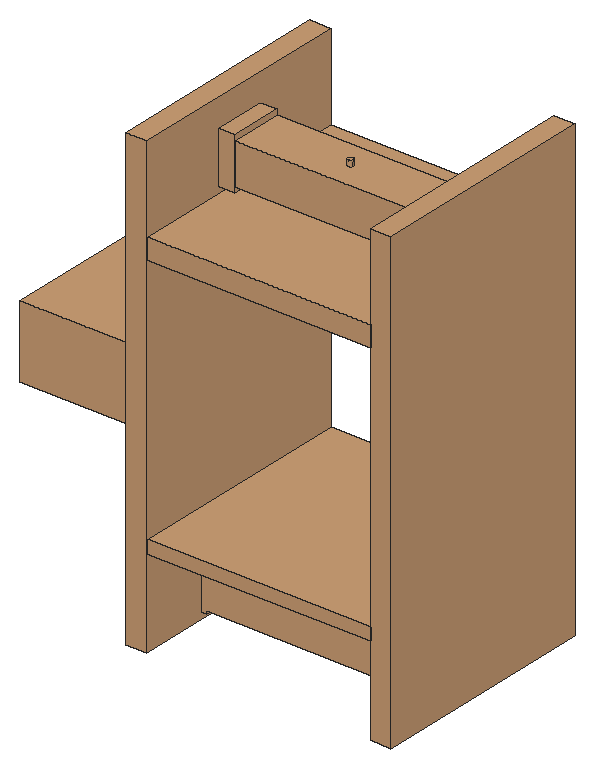
Revit family
Parameters
  Center of Unit = 0' - 0"  # constant formula
  Total Heating Capacity [instance] = 0.0 Btu/h
  Series = "VIFB"
  Outlet Area = 3.57 SF
  Lower Frame Thickness = if(Headers Height = 0' 3", 0' 1 1/4", if(Headers Height = 0' 3 1/4", 0' 1 1/4", 0' 0"))  # 0' - 1 1/4"
  Water Pressure Drop [instance] = 0.00 psi
  Water Flow [instance] = 0 GPM
  Unit Weight (lbs) = 283
  URL = "http://www.ljwing.com/"
  Water Outlet Radius = 0' - 1 1/2"
  Headers Height = if(M = 0' 1", 0' 3", if(M = 0' 1 1/2", 0' 3 1/4", 0' 0"))  # 0' - 3"
  Number of Rows = 2  # constant formula
  Number of Coils [instance] = 0
  Nominal Length = 2' - 1 7/16"
  N = 0' - 7 3/8"
  Model = "VA-2W"
  Manufacturer = "LJ Wing"
  M = 0' - 1"
  Leaving Water Temperature [instance] = 0 °F
  Leaving Air Temperature [instance] = 0 °F
  Entering Water Temperature [instance] = 0 °F
  Entering Air Temperature [instance] = 0 °F
  Description = "Vertical Integral Face & Bypass Water Heating Coils"
  Hot Water Inlet  Radius = 0' - 1 1/2"
  Coil Face Area = Outlet Area * 0.56  # 1.9992 SF
  Casing Material = ""
  Assembly Code = "D3020300"
  Air Vent Radius = 0' - 0 1/4"
  Air Pressure Drop [instance] = 0.00 in-wg
  Air Inlet Width = Nominal Length - 0' 4"  # 1' - 9 7/16"
  Air Inlet Height = Y  # 2' - 0"
  Air Flow [instance] = 0 CFM
  Y = 2' - 0"
  S = 0' - 9 3/4"  # constant formula
  Product URL = "http://www.ljwing.com/html/vifb.asp"
  OmniClass = "23-75 70 21 14"
  Nominal Height = 3' - 8"
  Nominal Depth = 1' - 10"
  R = 0' - 10 1/4"  # constant formula
  Q = 0' - 3 23/32"
Reference planes (in)
  plane 1 "Center (Front/Back)": y = 0
  plane 2: z = -12
  plane 3 "Center (Left/Right)": x = 0
  plane 4: z = 22.25
  plane 5: x = -12.71875
  plane 6: x = 12.71875
  plane 7: z = -21.75
  plane 8: z = 0
  plane 9: y = -11
  plane 10: y = 11
  plane 11: z = 12
  plane 12: z = 14
  plane 13: z = -13.25
  plane 14: x = 10.71875
  plane 15: x = -10.71875
  plane 16: x = -9
  plane 17: x = 9
  plane 18: y = 14.0625
  plane 19: x = -23.71875
  plane 20: z = 19.125
  plane 21: z = 15.125
  plane 22: y = -2.5
  plane 23: y = 2.5
  plane 24: y = -4.5
  plane 25: z = -19.375
  plane 26: x = -5.34375
  plane 27: x = 5.34375
  plane 28: z = -15.375
Forms (in)
  Extrusion 1, solid, material "Painted Finish"
    sketch origin (0, 6, -9.75) x (1, 0, 0) y (0, 0, 1)
      loop
        line (-12.71875, -12) -> (-10.71875, -12) -> (-10.71875, 32) -> (-12.71875, 32) -> (-12.71875, -12)
      loop
        line (12.71875, -12) -> (12.71875, 32) -> (10.71875, 32) -> (10.71875, -12) -> (12.71875, -12)
    from -5 to 17
  Extrusion 2, solid, material "Painted Finish"
    sketch origin (0, 6, 0) x (1, 0, 0) y (0, 0, 1)
      loop
        line (10.71875, -12) -> (-10.71875, -12) -> (-10.71875, -13.25) -> (10.71875, -13.25) -> (10.71875, -12)
      loop
        line (10.71875, 12) -> (10.71875, 14) -> (-10.71875, 14) -> (-10.71875, 12) -> (10.71875, 12)
    from -5 to 17
  Extrusion 3, solid, material "Painted Finish"
    sketch origin (0, 10, -0.5) x (1, 0, 0) y (0, 0, 1)
      loop
        line (-12.71875, 4) -> (-23.71875, 4) -> (-23.71875, -3) -> (-12.71875, -3) -> (-12.71875, 4)
    from 0 to 20
  Extrusion 4, solid, material "Painted Finish"
    sketch origin (0, 6, 0) x (1, 0, 0) y (0, 0, 1)
      loop
        line (-9.09375, 19.125) -> (-9.09375, 15.125) -> (9.09375, 15.125) -> (9.09375, 19.125) -> (-9.09375, 19.125)
    from 3.5 to 8.5
  Extrusion 5, solid, material "Painted Finish"
    sketch origin (0, 0, 0) x (1, 0, 0) y (0, 0, 1)
      loop
        line (-9.09375, 14.625) -> (-9.09375, 19.625) -> (-10.71875, 19.625) -> (-10.71875, 14.625) -> (-9.09375, 14.625)
      loop
        line (10.71875, 14.625) -> (10.71875, 19.625) -> (9.09375, 19.625) -> (9.09375, 14.625) -> (10.71875, 14.625)
    from -2.5 to 2.5
  Extrusion 6, solid, material "Painted Finish"
    sketch origin (0, 6, 0) x (1, 0, 0) y (0, 0, 1)
      loop
        line (-10.21875, -13.875) -> (-10.21875, -13.625) -> (-10.71875, -13.625) -> (-10.71875, -17.125) -> (-10.21875, -17.125) -> (-10.21875, -16.875) -> (10.21875, -16.875) -> (10.21875, -17.125) -> (10.71875, -17.125) -> (10.71875, -13.625) -> (10.21875, -13.625) -> (10.21875, -13.875) -> (-10.21875, -13.875)
      loop
        line (10.21875, -20.875) -> (10.21875, -21.125) -> (10.71875, -21.125) -> (10.71875, -17.625) -> (10.21875, -17.625) -> (10.21875, -17.875) -> (-10.21875, -17.875) -> (-10.21875, -17.625) -> (-10.71875, -17.625) -> (-10.71875, -21.125) -> (-10.21875, -21.125) -> (-10.21875, -20.875) -> (10.21875, -20.875)
    from -5 to 10.5
  Extrusion 7, void
    sketch origin (0, 0, 0) x (1, 0, 0) y (0, 0, 1)
      loop
        line (-10.71875, 12) -> (-10.71875, -12) -> (10.71875, -12) -> (10.71875, 12) -> (-10.71875, 12)
    from -11 to 11
  Extrusion 8, solid, material "Painted Finish"
    sketch origin (0, 0, 0) x (1, 0, 0) y (0, 0, 1)
      loop
        circle (5.34375, -19.375) r 1
      loop
        circle (-5.34375, -15.375) r 1
    from -14.0625 to -11
  Extrusion 9, solid, material "Painted Finish"
    sketch origin (0, 0, 0) x (1, 0, 0) y (0, 1, 0)
      loop
        circle (0, 0) r 0.25
    from 19.125 to 19.625
Cuts and joins
  Extrusion 7 cuts Extrusion 1
  Extrusion 7 cuts Extrusion 2
Dimensions and locks (in)
  "Nominal Length": plane 6 to plane 5
  equal spacing: plane 6, plane 3 "Center (Left/Right)", plane 5
  "S": plane 2 to plane 7
  "Nominal Depth": plane 10 to plane 9
  equal spacing: plane 10, plane 1 "Center (Front/Back)", plane 9
  "Y": plane 11 to plane 2
  "R": plane 4 to plane 11
  locked: plane 12 to plane 11 at 2
  "Lower Frame Thickness": plane 2 to plane 13
  "Q": plane 16 to plane 5
  "Q": plane 6 to plane 17
  locked: plane 18 to plane 10 at 3.0625
  locked: plane 5 to plane 19 at 11
  locked: Extrusion 3 sketch curve to Extrusion 3 sketch curve at 7
  locked: Extrusion 3 to Extrusion 3 at 20
  locked: plane 6 to plane 14 at 2
  locked: plane 15 to plane 5 at 2
  locked: Extrusion 5 sketch curve to plane 20 at 0.5
  locked: plane 21 to Extrusion 5 sketch curve at 0.5
  locked: plane 20 to plane 21 at 4
  locked: plane 23 to plane 22 at 5
  equal spacing: plane 23, plane 1 "Center (Front/Back)", plane 22
  locked: plane 22 to plane 24 at 2
  plane 4 to plane 7 = 3' - 8"
  locked: Extrusion 5 sketch curve to Extrusion 1 at 1.625
  locked: Extrusion 5 sketch curve to Extrusion 5 sketch curve at 1.625
  locked: Extrusion 7 sketch curve to plane 11 at 0
  locked: Extrusion 7 sketch curve to plane 15 at 0
  locked: Extrusion 7 sketch curve to plane 14 at 0
  locked: plane 15 to Extrusion 6 sketch curve at 0.5
  locked: Extrusion 6 sketch curve to Extrusion 6 sketch curve at 0.25  (x2)
  locked: plane 25 to plane 7 at 2.375
  "N": plane 26 to plane 5
  "N": plane 6 to plane 27
  locked: plane 28 to plane 7 at 6.375
  "Headers Height": Extrusion 6 sketch curve to Extrusion 6 sketch curve  (x2)
  locked: Extrusion 8 sketch curve to plane 25 at 0
  locked: Extrusion 8 sketch curve to plane 28 at 0
  locked: Extrusion 9 sketch curve to plane 1 "Center (Front/Back)" at 0
  locked: Extrusion 9 sketch curve to plane 3 "Center (Left/Right)" at 0
  equal spacing: Extrusion 6 sketch curve, plane 28, Extrusion 6 sketch curve
  equal spacing: Extrusion 6 sketch curve, plane 25, Extrusion 6 sketch curve
  locked: plane 4 to plane 20 at 3.125
  locked: Extrusion 7 sketch curve to plane 2 at 0
  equal spacing: plane 11, plane 8, plane 2
  locked: Extrusion 8 sketch curve to plane 27 at 0
  locked: Extrusion 8 sketch curve to plane 26 at 0
  "M": radius of Extrusion 8 sketch curve  (x2)
  "Air Vent Radius": radius of Extrusion 9 sketch curve
  aligned and locked: plane 9 to Extrusion 1
  aligned and locked: Extrusion 1 to plane 10
  aligned and locked: plane 15 to Extrusion 1
  aligned and locked: Extrusion 1 to plane 14
  aligned and locked: plane 9 to Extrusion 2
  aligned and locked: Extrusion 1 to plane 9
  aligned and locked: plane 10 to Extrusion 1  (x2)
  aligned and locked: Extrusion 2 to plane 10
  aligned and locked: plane 10 to Extrusion 2  (x2)
  aligned and locked: Extrusion 2 to plane 9  (x2)
  aligned and locked: plane 5 to Extrusion 3
  aligned and locked: Extrusion 5 sketch curve to plane 15
  aligned and locked: Extrusion 5 sketch curve to Extrusion 4
  aligned and locked: Extrusion 1 to Extrusion 6
  aligned and locked: plane 22 to Extrusion 5
  aligned and locked: Extrusion 5 to Extrusion 4  (x2)
  aligned and locked: Extrusion 5 to plane 23
  aligned and locked: plane 24 to Extrusion 6
  aligned and locked: Extrusion 4 to Extrusion 5  (x2)
  aligned and locked: Extrusion 5 to Extrusion 1  (x2)
  aligned and locked: Extrusion 1 to Extrusion 7  (x2)
  aligned and locked: Extrusion 8 to plane 18
  aligned and locked: plane 10 to Extrusion 8
  aligned and locked: plane 20 to Extrusion 9
  aligned and locked: Extrusion 9 to Extrusion 5
  aligned and locked: plane 2 to cut or joined group of Extrusion 2, Extrusion 7
  aligned and locked: plane 6 to Extrusion 1 sketch curve
  aligned and locked: plane 14 to Extrusion 1 sketch curve
  aligned and locked: Extrusion 1 sketch curve to plane 15
  aligned and locked: Extrusion 1 sketch curve to plane 5
  aligned and locked: Extrusion 1 sketch curve to plane 4  (x2)
  aligned and locked: plane 7 to Extrusion 1 sketch curve  (x2)
  aligned and locked: Extrusion 2 sketch curve to plane 11
  aligned and locked: Extrusion 2 sketch curve to plane 12
  aligned and locked: plane 2 to Extrusion 2 sketch curve
  aligned and locked: Extrusion 2 sketch curve to plane 13
  aligned and locked: Extrusion 2 sketch curve to plane 14  (x2)
  aligned and locked: Extrusion 2 sketch curve to plane 15  (x2)
  aligned and locked: plane 20 to Extrusion 4 sketch curve
  aligned and locked: Extrusion 4 sketch curve to plane 21
  aligned and locked: Extrusion 6 sketch curve to plane 14  (x2)
  aligned and locked: plane 15 to Extrusion 6 sketch curve  (x2)
Automatic sketch dimensions
  Extrusion 3 sketch curve to plane 19 = 0' - 0"
  Extrusion 3 sketch curve to plane 5 = 0' - 0"
  plane 8 to Extrusion 3 sketch curve = 0' - 3 1/2"
  Extrusion 4 sketch curve to plane 16 = 0' - 0 3/32"
  plane 17 to Extrusion 4 sketch curve = 0' - 0 3/32"
  plane 21 to Extrusion 5 sketch curve = 0' - 0 1/2"
  Extrusion 5 sketch curve to plane 20 = 0' - 0 1/2"
  plane 15 to Extrusion 6 sketch curve = 0' - 0 1/2"  (x2)
  Extrusion 6 sketch curve to Extrusion 6 sketch curve = 0' - 0 1/4"  (x5)
  Extrusion 6 sketch curve to Extrusion 6 sketch curve = 0' - 0"  (x2)
  Extrusion 6 sketch curve to plane 14 = 0' - 0 1/2"  (x2)
  Extrusion 6 sketch curve to Extrusion 6 sketch curve = 0' - 0 1/2"
  Extrusion 6 sketch curve to plane 7 = 0' - 0 5/8"
Connectors (in)
  hvac at (0, -11, 0), driven by "Air Inlet Height", driven by "Air Inlet Width", driven by "Air Flow", driven by "Air Pressure Drop"
    settings: on Extrusion 7, index 1
  hvac at (0, 11, 0), driven by "Air Pressure Drop", driven by "Air Inlet Height", driven by "Air Inlet Width", driven by "Air Flow"
    settings: on Extrusion 7, index 2
  piping at (-5.34375, 14.0625, -15.375), driven by "M", driven by "Water Flow", driven by "Water Pressure Drop"
    settings: on Extrusion 8, index 4
  piping at (5.34375, 14.0625, -19.375), driven by "Water Pressure Drop", driven by "Water Flow", driven by "M"
    settings: on Extrusion 8, index 5
